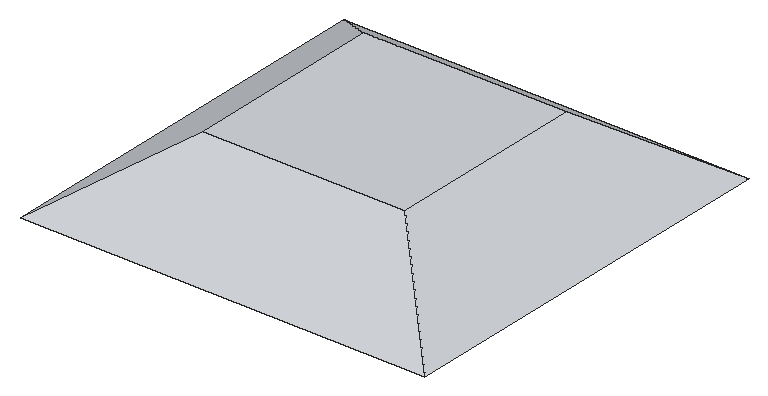
Revit family "M_Difusor de fornecimento", category Terminais de ar, Revit 2019
Family settings
  Cota do conector redondo = Utilizar diâmetro
  Tipo de parte = Normal
  Número OmniClass = 23.75.70.21.27.11
  Título OmniClass = Diffusers, Registers, and Grilles
  ID de item do Seek = Supply Diffuser-0000-CAN-ENU
  Com base no plano de trabalho = Não
  Sempre na vertical = Sim
  Corte com vazios quando carregada = Não
  Compartilhado = Não
  Ponto de cálculo do ambiente = Não
Parameters (values of type "600 x 600 Face 300 x 300 Conexão")
  Largura 1 = Largura do difusor * 0.65  # 390 mm
  Largura do duto = 300 mm
  Altura do duto = Largura do duto  # 300 mm
  Largura do difusor = 600 mm
  SetaAcima [instance] = yes
  Queda de pressão [instance] = 14.0 Pa
  SetaDireita [instance] = yes
  SetaEsquerda [instance] = yes
  Fluxo [instance] = 235.0 L/s
  SetaparaBaixo [instance] = yes
  Altura do difusor = Largura do difusor  # 600 mm
  Assembly Code = ""
Reference planes
  plane 1 "Centro (Frente/Trás)": y = 0
  plane 2: z = 0
  plane 3 "Centro (Esquerda/Direita)": x = 0
Forms (mm)
  Blend 1, solid
    base sketch origin (0, 0, 0) x (1, 0, 0) y (0, 1, 0)
      loop
        line (-300, 300) -> (-300, -300) -> (300, -300) -> (300, 300) -> (-300, 300)
    top sketch origin (0, 0, 0) x (1, 0, 0) y (0, 1, 0)
      loop
        line (-150, 150) -> (-150, -150) -> (150, -150) -> (150, 150) -> (-150, 150)
    from 0 to 101.6
Lines and regions (mm)
  symbolic lines, style "DuctTerminal"
    curve 1: line (-300, -300, 0) -> (300, 300, 0)
    curve 2: line (-300, 300, 0) -> (300, 300, 0)
    curve 3: line (300, 300, 0) -> (300, -300, 0)
    curve 4: line (300, -300, 0) -> (-300, -300, 0)
    curve 5: line (-300, 300, 0) -> (-300, -300, 0)
  symbolic lines
    curve 6: line (-300, 300, 0) -> (300, -300, 0)
Dimensions and locks
  equal spacing: Blend 1 sketch curve, plane 3 "Centro (Esquerda/Direita)", Blend 1 sketch curve  (x2)
  "Largura do difusor": Blend 1 sketch curve to Blend 1 sketch curve
  equal spacing: Blend 1 sketch curve, plane 1 "Centro (Frente/Trás)", Blend 1 sketch curve  (x2)
  "Altura do difusor": Blend 1 sketch curve to Blend 1 sketch curve
  "Largura do duto": Blend 1 sketch curve to Blend 1 sketch curve
  "Altura do duto": Blend 1 sketch curve to Blend 1 sketch curve
  "Largura 1": nested 1 to plane 3 "Centro (Esquerda/Direita)"
  "Largura 1": nested 2 to plane 1 "Centro (Frente/Trás)"
  "Largura 1": plane 3 "Centro (Esquerda/Direita)" to nested 3
  "Largura 1": nested 4 to plane 1 "Centro (Frente/Trás)"
  aligned and locked: Blend 1 to curve 1
  aligned and locked: curve 5 to Blend 1
  aligned and locked: curve 2 to Blend 1
  aligned and locked: curve 3 to Blend 1
  aligned and locked: nested 1 to plane 1 "Centro (Frente/Trás)"
  aligned and locked: plane 3 "Centro (Esquerda/Direita)" to nested 2
  aligned and locked: nested 4 to plane 3 "Centro (Esquerda/Direita)"
  aligned and locked: plane 1 "Centro (Frente/Trás)" to nested 3
Nested families
  nested 1: "M_Seta do terminal do duto" at (-390, 0, 0) x (-1, 0, 0) z (0, 0, 1), visible <- "SetaEsquerda", type "Seta do terminal do duto"
  nested 2: "M_Seta do terminal do duto" at (0, 390, 0) x (0, 1, 0) z (0, 0, 1), visible <- "SetaAcima", type "Seta do terminal do duto"
  nested 3: "M_Seta do terminal do duto" at (390, 0, 0), visible <- "SetaDireita", type "Seta do terminal do duto"
  nested 4: "M_Seta do terminal do duto" at (0, -390, 0) x (0, -1, 0) z (0, 0, 1), visible <- "SetaparaBaixo", type "Seta do terminal do duto"
Connectors
  hvac at (0, 0, 101.6), driven by "Largura do duto", driven by "Largura do duto", driven by "Fluxo", driven by "Queda de pressão"
    settings: on Blend 1, index 0, duct flow 235.0 L/s, flow factor 0, pres drop 14.0 Pa, loss coef 0, conn angle 0.00°, conn width 300 mm, conn height 300 mm, conn diameter 609.6 mm, duct sys type 1, conn prof type 1, flow config 1, flow direction 1, loss method 4, conn ref index -1, conn util no, is conn primary yes, conn desc ""
Definition of nested family "M_Seta do terminal do duto"
  Parameters
    Largura = (Comprimento / 2) / cos(15.00°)  # 25.882 mm
    Comprimento = 50 mm
  Reference planes
    plane 1 "Centro (Frente/Trás)": y = 0
    plane 2: z = 0
    plane 3 "Centro (Esquerda/Direita)": x = 0
  Lines and regions (mm)
    Filled region 1, type "Bloco de concreto", in view "Nível de referência"
      outline origin (0, 0, 0) x (1, 0, 0) y (0, 1, 0)
        loop
          line (25, 6.699) -> (25, -6.699) -> (50, 0) -> (25, 6.699)
    detail lines, in view "Nível de referência"
      curve 1: line (0, 0, 0) -> (50, 0, 0)
      curve 2: line (50, 0, 0) -> (25, 6.699, 0)
      curve 3: line (50, 0, 0) -> (25, -6.699, 0)
      curve 4: line (25, 6.699, 0) -> (25, -6.699, 0)
  Dimensions and locks
    "Comprimento": curve 1 to curve 1
    "Largura": curve 2 to curve 2
    "Largura": curve 3 to curve 3
    locked: curve 2 to curve 1 (angle 15.00°)
    locked: curve 1 to curve 3 (angle 15.00°)
    aligned and locked: plane 3 "Centro (Esquerda/Direita)" to curve 1
    aligned and locked: plane 1 "Centro (Frente/Trás)" to curve 1
    aligned and locked: Filled region 1 sketch curve to curve 4
    aligned and locked: Filled region 1 sketch curve to curve 2
    aligned and locked: Filled region 1 sketch curve to curve 3
